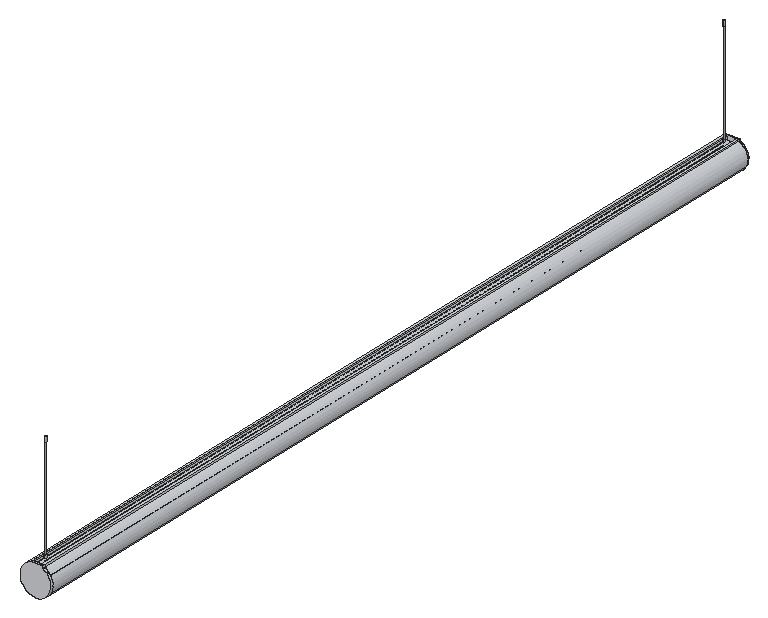
Revit family "Alcon-12185-P-Revit-Family", category Generic Models, host Ceiling, Revit 2021
Family settings
  Host = Ceiling
  Can host rebar = No
  Round Connector Dimension = Use Diameter
  Part Type = Normal
  Always vertical = Yes
  Cut with Voids When Loaded = No
  Shared = No
  Room Calculation Point = No
Parameters (values of type "8'")
  Product Identity = "Alcon Lighting 12185-P"
  Manufacturer = "Alcon Light"
  Link To Product Page = "https://www.alconlighting.com/12185-p-alcon.html"
  Lens = none
  Length = 8' - 0"
  Housing = none
  Default Elevation = 0' - 0"
  Cable = none
Types (5): name | Length
  (no name) | 8' - 0"
  8' | 8' - 0"
  6' | 6' - 0"
  4' | 4' - 0"
  2' | 2' - 0"
Reference planes (in)
  plane 1 "Center (Front/Back)": y = 0
  plane 2 "Ceiling": z = 96
  plane 3 "Center (Left/Right)": x = 0
Forms (in)
  Extrusion 1, solid, material <- "Lens"
    sketch origin (0, 0, 84.01994) x (-1, 0, 0) y (0, 0, -1)
      loop
        arc (1.44767, 2.59121) -> (0, 3.4) -> (-1.44767, 2.59121) r 1.7
        line (-1.44767, 2.59121) -> (-1.40762, 2.52711)
        arc (-1.40762, 2.52711) -> (0, 3.33264) -> (1.40762, 2.52711) r 1.63264
        line (1.40762, 2.52711) -> (1.44767, 2.59121)
    from 0 to 96
  Extrusion 2, solid, material <- "Housing"
    sketch origin (0, 0, 84.29917) x (-1, 0, 0) y (0, 0, -1)
      loop
        arc (0.76013, 0.45863) -> (0, 3.67923) -> (-0.76013, 0.45863) r 1.7
        line (-0.76013, 0.45863) -> (-0.76013, 0.29917) -> (0.76013, 0.29917) -> (0.76013, 0.45863)
    from -0.125 to 0
  Extrusion 3, solid, material <- "Housing"
    sketch origin (0, 0, 84.29917) x (-1, 0, 0) y (0, 0, -1)
      loop
        arc (0.76013, 0.45863) -> (0, 3.67923) -> (-0.76013, 0.45863) r 1.7
        line (-0.76013, 0.45863) -> (-0.76013, 0.29917) -> (0.76013, 0.29917) -> (0.76013, 0.45863)
    from 96 to 96.25
  Extrusion 4, solid, material <- "Housing"
    sketch origin (0, 0, 84.01994) x (-1, 0, 0) y (0, 0, -1)
      loop
        line (0.67811, 0.21485) -> (0.67811, 0.5297) -> (-0.67811, 0.5297) -> (-0.67811, 0.21485)
        arc (-0.67811, 0.21485) -> (-1.04532, 0.44588) -> (-1.33871, 0.76547) r 1.63264
        line (-1.33871, 0.76547) -> (-1.33871, 1.13532) -> (-1.19215, 0.98876) -> (-0.92886, 1.20969) -> (-0.98709, 1.26792) -> (-1.1873, 1.09992) -> (-1.29611, 1.20874) -> (-1.1046, 1.36943) -> (-1.1786, 1.44343) -> (-0.98709, 1.60413) -> (-0.98709, 1.85413) -> (-1.44767, 2.59121)
        arc (-1.44767, 2.59121) -> (-1.63487, 1.23395) -> (-0.76013, 0.17941) r 1.7
        line (-0.76013, 0.17941) -> (-0.76013, 0.01994) -> (-0.51612, 0.01994) -> (-0.51612, 0.13051) -> (-0.6255, 0.13051) -> (-0.6255, 0.47445) -> (0.6255, 0.47445) -> (0.6255, 0.13051) -> (0.51612, 0.13051) -> (0.51612, 0.01994) -> (0.76013, 0.01994) -> (0.76013, 0.17941)
        arc (0.76013, 0.17941) -> (1.63487, 1.23395) -> (1.44767, 2.59121) r 1.7
        line (1.44767, 2.59121) -> (0.98709, 1.85413) -> (0.98709, 1.60413) -> (1.1786, 1.44343) -> (1.1046, 1.36943) -> (1.29611, 1.20874) -> (1.1873, 1.09992) -> (0.98709, 1.26792) -> (0.92886, 1.20969) -> (1.19215, 0.98876) -> (1.33871, 1.13532) -> (1.33871, 0.76547)
        arc (1.33871, 0.76547) -> (1.04532, 0.44588) -> (0.67811, 0.21485) r 1.63264
      loop
        line (-1.06912, 1.64238) -> (-1.06912, 1.83061) -> (-1.45288, 2.44475)
        arc (-1.45288, 2.44475) -> (-1.63221, 1.66278) -> (-1.41742, 0.8898) r 1.63264
        line (-1.41742, 0.8898) -> (-1.41742, 1.21403) -> (-1.22591, 1.37473) -> (-1.29991, 1.44873) -> (-1.06912, 1.64238)
      loop
        line (1.06912, 1.64238) -> (1.29991, 1.44873) -> (1.22591, 1.37473) -> (1.41742, 1.21403) -> (1.41742, 0.8898)
        arc (1.41742, 0.8898) -> (1.63221, 1.66278) -> (1.45288, 2.44475) r 1.63264
        line (1.45288, 2.44475) -> (1.06912, 1.83061) -> (1.06912, 1.64238)
    from 0 to 96
  Revolve 5, solid, material <- "Cable"
    sketch origin (0, -10.64521, 0) x (0, 1, 0) y (0, 0, 1)
      loop
        line (-84.25, 84) -> (-84.25, 96) -> (-84.34139, 96) -> (-84.34139, 95.5) -> (-84.28842, 95.5) -> (-84.28842, 84.25) -> (-84.35479, 84.25) -> (-84.35479, 84) -> (-84.25, 84)
      axis (-84.25, 96) -> (-84.25, 84)
    angle from 0 to 360
  Revolve 6, solid, material <- "Cable"
    sketch origin (0, -85.35479, 0) x (0, -1, 0) y (0, 0, -1)
      loop
        line (-84.25, -84) -> (-84.35479, -84) -> (-84.35479, -84.25) -> (-84.28842, -84.25) -> (-84.28842, -95.5) -> (-84.34139, -95.5) -> (-84.34139, -96) -> (-84.25, -96) -> (-84.25, -84)
      axis (-84.25, -96) -> (-84.25, -84)
    angle from 0 to 360
Dimensions and locks (in)
  equal spacing: host sketch curve, plane 3 "Center (Left/Right)", host sketch curve
  equal spacing: host sketch curve, plane 1 "Center (Front/Back)", host sketch curve
  host sketch curve to host sketch curve = 10' - 0"  (x2)
  "Length": Extrusion 4 to Extrusion 4
  locked: Extrusion 4 to Extrusion 3 at 0.25
  Revolve 5 sketch curve to Extrusion 4 = 0' - 1.10479"
  locked: Revolve 5 to Extrusion 4 at 1.06637
  aligned and locked: Extrusion 4 to Extrusion 1
  aligned and locked: Extrusion 1 to Extrusion 4
  aligned and locked: Extrusion 3 to Extrusion 4
Automatic sketch dimensions
  Extrusion 1 sketch curve to Extrusion 1 sketch curve = 0' - 0"  (x2)
  Extrusion 1 sketch curve to plane 3 "Center (Left/Right)" = 0' - 1.44767"
  Extrusion 1 sketch curve to Extrusion 1 sketch curve = 0' - 0.04005"  (x2)
  Extrusion 1 sketch curve to Extrusion 1 sketch curve = 0' - 1.40762"  (x2)
  Extrusion 1 sketch curve to plane 2 "Ceiling" = 1' - 1.68006"
  Extrusion 1 sketch curve to Extrusion 1 sketch curve = 0' - 0.82711"
  Extrusion 1 sketch curve to Extrusion 1 sketch curve = 0' - 0.0641"
  Extrusion 2 sketch curve to plane 3 "Center (Left/Right)" = 0' - 0.76013"
  Extrusion 2 sketch curve to Extrusion 2 sketch curve = 0' - 0.76013"
  Extrusion 2 sketch curve to Extrusion 2 sketch curve = 0' - 1.52027"
  Extrusion 2 sketch curve to plane 2 "Ceiling" = 1' - 0"
  Extrusion 2 sketch curve to Extrusion 2 sketch curve = 0' - 0.15947"
  Extrusion 2 sketch curve to Extrusion 2 sketch curve = 0' - 1.52059"
  Extrusion 3 sketch curve to plane 3 "Center (Left/Right)" = 0' - 0.76013"
  Extrusion 3 sketch curve to Extrusion 3 sketch curve = 0' - 0.76013"
  Extrusion 3 sketch curve to Extrusion 3 sketch curve = 0' - 1.52027"
  Extrusion 3 sketch curve to plane 2 "Ceiling" = 1' - 0"
  Extrusion 3 sketch curve to Extrusion 3 sketch curve = 0' - 0.15947"
  Extrusion 3 sketch curve to Extrusion 3 sketch curve = 0' - 1.52059"
  Extrusion 4 sketch curve to Extrusion 4 sketch curve = 0' - 0"  (x31)
  Extrusion 4 sketch curve to plane 3 "Center (Left/Right)" = 0' - 1.45288"
  Extrusion 4 sketch curve to Extrusion 4 sketch curve = 0' - 0.00521"  (x2)
  Extrusion 4 sketch curve to Extrusion 4 sketch curve = 0' - 0.03546"
  Extrusion 4 sketch curve to Extrusion 4 sketch curve = 0' - 0.07871"  (x4)
  Extrusion 4 sketch curve to Extrusion 4 sketch curve = 0' - 0.11751"  (x3)
  Extrusion 4 sketch curve to Extrusion 4 sketch curve = 0' - 0.0426"  (x2)
  Extrusion 4 sketch curve to Extrusion 4 sketch curve = 0' - 0.074"  (x6)
  Extrusion 4 sketch curve to Extrusion 4 sketch curve = 0' - 0.14656"
  Extrusion 4 sketch curve to Extrusion 4 sketch curve = 0' - 0.00485"  (x2)
  Extrusion 4 sketch curve to Extrusion 4 sketch curve = 0' - 0.04731"  (x2)
  Extrusion 4 sketch curve to Extrusion 4 sketch curve = 0' - 0.10948"
  Extrusion 4 sketch curve to Extrusion 4 sketch curve = 0' - 0 21/256"  (x3)
  Extrusion 4 sketch curve to Extrusion 4 sketch curve = 0' - 0.05823"  (x5)
  Extrusion 4 sketch curve to Extrusion 4 sketch curve = 0' - 0.57858"
  Extrusion 4 sketch curve to Extrusion 4 sketch curve = 0' - 0.05262"  (x2)
  Extrusion 4 sketch curve to Extrusion 4 sketch curve = 0' - 0 7/64"  (x2)
  Extrusion 4 sketch curve to Extrusion 4 sketch curve = 0' - 0.98709"
  Extrusion 4 sketch curve to Extrusion 4 sketch curve = 0' - 1.03224"
  Extrusion 4 sketch curve to Extrusion 4 sketch curve = 0' - 0.13464"
  Extrusion 4 sketch curve to Extrusion 4 sketch curve = 0' - 0.25075"
  Extrusion 4 sketch curve to Extrusion 4 sketch curve = 0' - 0.20021"
  Extrusion 4 sketch curve to Extrusion 4 sketch curve = 0' - 0.10881"
  Extrusion 4 sketch curve to Extrusion 4 sketch curve = 0' - 0.37855"
  Extrusion 4 sketch curve to plane 2 "Ceiling" = 1' - 0"
  Extrusion 4 sketch curve to Extrusion 4 sketch curve = 0' - 0.11057"  (x2)
  Extrusion 4 sketch curve to Extrusion 4 sketch curve = 0' - 0.0489"  (x2)
  Extrusion 4 sketch curve to Extrusion 4 sketch curve = 0' - 0.03544"  (x2)
  Extrusion 4 sketch curve to Extrusion 4 sketch curve = 0' - 0.2596"
  Extrusion 4 sketch curve to Extrusion 4 sketch curve = 0' - 0.05525"
  Extrusion 4 sketch curve to Extrusion 4 sketch curve = 0' - 0.23576"
  Extrusion 4 sketch curve to Extrusion 4 sketch curve = 0' - 0.12433"  (x2)
  Extrusion 4 sketch curve to Extrusion 4 sketch curve = 0' - 0.09896"  (x2)
  Extrusion 4 sketch curve to Extrusion 4 sketch curve = 0' - 0.11116"  (x2)
  Extrusion 4 sketch curve to Extrusion 4 sketch curve = 0' - 0.0354"  (x2)
  Extrusion 4 sketch curve to Extrusion 4 sketch curve = 0' - 0.07341"  (x2)
  Extrusion 4 sketch curve to Extrusion 4 sketch curve = 0' - 0.10977"  (x2)
  Extrusion 4 sketch curve to Extrusion 4 sketch curve = 0' - 0.10152"  (x2)
  Extrusion 4 sketch curve to Extrusion 4 sketch curve = 0' - 0.0053"  (x2)
  Extrusion 4 sketch curve to Extrusion 4 sketch curve = 0' - 0.0687"  (x2)
  Extrusion 4 sketch curve to Extrusion 4 sketch curve = 0' - 0.1607"  (x2)
  Extrusion 4 sketch curve to Extrusion 4 sketch curve = 0' - 0.03825"  (x2)
  Extrusion 4 sketch curve to Extrusion 4 sketch curve = 0' - 0.18823"  (x2)
  Extrusion 4 sketch curve to Extrusion 4 sketch curve = 0' - 0.02352"  (x2)
  Revolve 5 sketch curve to plane 2 "Ceiling" = 0' - 0"
  Revolve 5 sketch curve to Revolve 5 sketch curve = 0' - 0"  (x2)
  Revolve 5 sketch curve to Revolve 5 sketch curve = 0' - 0.03842"
  Revolve 5 sketch curve to Revolve 5 sketch curve = 0' - 0.05297"
  Revolve 5 sketch curve to Revolve 5 sketch curve = 0' - 0.10479"
  Revolve 5 sketch curve to plane 2 "Ceiling" = 0' - 0 1/2"
  Revolve 5 sketch curve to Revolve 5 sketch curve = 0' - 11 1/4"
  Revolve 5 sketch curve to Revolve 5 sketch curve = 0' - 0 1/4"
  Revolve 5 sketch curve to Revolve 5 sketch curve = 0' - 0.45451"
  Revolve 6 sketch curve to plane 2 "Ceiling" = 0' - 0"
  plane 1 "Center (Front/Back)" to Revolve 6 sketch curve = 0' - 1"
  Revolve 6 sketch curve to plane 2 "Ceiling" = 0' - 0 1/2"
  plane 1 "Center (Front/Back)" to Revolve 6 sketch curve = 0' - 1.0134"
  Revolve 6 sketch curve to Revolve 6 sketch curve = 0' - 0.06637"
  Revolve 6 sketch curve to Revolve 6 sketch curve = 0' - 0.09139"
  Revolve 6 sketch curve to Revolve 6 sketch curve = 0' - 11 1/4"
  Revolve 6 sketch curve to Revolve 6 sketch curve = 0' - 0 1/4"
  Revolve 6 sketch curve to Revolve 6 sketch curve = 0' - 0"  (x2)
  Revolve 6 sketch curve to Revolve 6 sketch curve = 0' - 0.45451"
